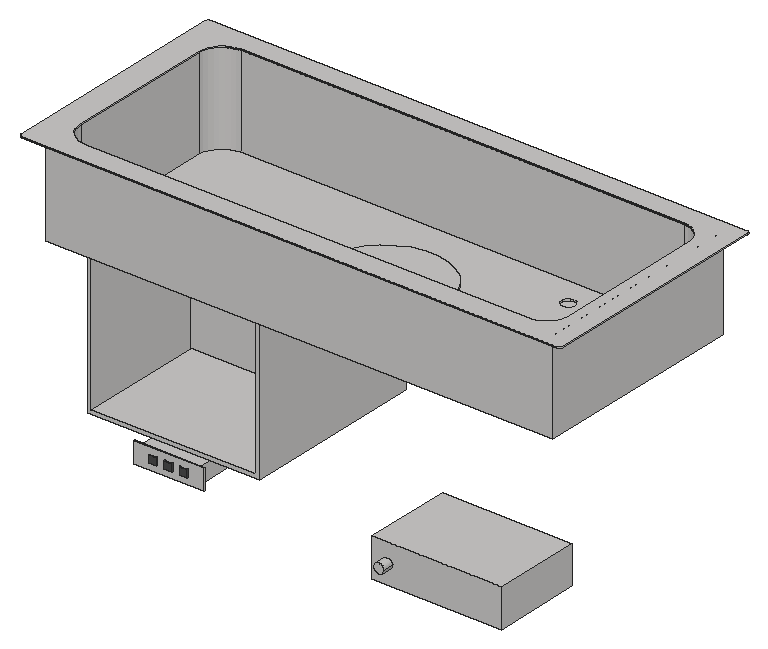
Revit family "QF_ELECTROLUXPROFESSIONAL_341043_D11C4", category Specialty Equipment, Revit 2018
Family settings
  Round Connector Dimension = Use Diameter
  Part Type = Normal
  Work Plane-Based = No
  Always vertical = Yes
  Cut with Voids When Loaded = No
  Shared = No
  Room Calculation Point = No
Parameters (values of type "Standard")
  Weight = 0.00 kg
  Watts = 0 W
  Volts = 220 V
  URL Manufacturer = "http://professional.electrolux.com"
  URL = "http://professional.electrolux.com"
  Steam Supply Size = 0 mm
  Steam Supply Minimum Pressure = 0.0 Pa
  Steam Supply Maximum Pressure = 0.0 Pa
  Steam Pounds per Hour = 0
  Show Clearance [instance] = yes
  Remote Electrical Box_Z [instance] = 200.00 mm
  Remote Electrical Box_Y [instance] = 500.00 mm
  Remote Electrical Box_X [instance] = 1000.00 mm
  Refrigeration Suction Line Size = 0 mm
  Refrigeration Liquid Line Size = 0 mm
  Refrigerant Compressor Remote = yes
  Manufacturer = "Electrolux Professional"
  Phase = 1
  Model = "D11C4"
  Length Actual = 1420.00 mm  # constant formula
  Item Number = "341043"
  Hot Water Size = 0 mm
  Height Actual = 595.00 mm  # constant formula
  HP = "0 HP"
  Gas Size = 0 mm
  Gas KW = 0
  Gas Input Pressure = 0 W
  Direct Waste Size = 25.4 mm
  Description = "DROP-IN REFRIGERATED WELL, STATIC WITH FAN, 4GN"
  Depth Actual = 620.00 mm  # constant formula
  Cycle = 50 Hz
  Controller_Y [instance] = 500.00 mm
  Controller_1Z [instance] = 200.00 mm
  Controller_1X [instance] = 300.00 mm
  Condensate Return Size = 0 mm
  Compressed Air Volume = 0.0 L/s
  Compressed Air Size = 0 mm
  Compressed Air Pressure = 0.0 Pa
  Cold Water Size = 0 mm
  Accessory = yes
Types (2, lengths in mm): name | Volts | URL Manufacturer | URL | Manufacturer | Phase | Model | Item Number | Description | Cycle
  341043.rfa | 0 V | "" | 0.00 | 0.00 | 0 | 0.00 | "" | 0.00 | 0 Hz
  Standard | 220 V | "http://professional.electrolux.com" | "http://professional.electrolux.com" | "Electrolux Professional" | 1 | "D11C4" | "341043" | "DROP-IN REFRIGERATED WELL, STATIC WITH FAN, 4GN" | 50 Hz
Reference planes
  plane 1 "Centro (Fronte/Retro)": y = 74.737
  plane 2: z = 0
  plane 3 "BACK": y = 384.737
  plane 4 "FRONT": y = -235.263
  plane 5 "RIGHT": x = 195.731
  plane 6 "LEFT": x = -1224.269
  plane 7: x = -514.269
  plane 8 "TOP": z = 900
  plane 9: y = 352.737
  plane 10: y = -203.263
  plane 11: x = 148.531
  plane 12: x = -1177.069
  plane 13: y = 329.737
  plane 14: y = -180.263
  plane 15: x = -1154.269
  plane 16: x = 125.731
  plane 17: z = 898
  plane 18: z = 656
  plane 19: z = 659
  plane 20: z = 624.1
  plane 21: x = -346.269
  plane 22: y = 188.737
  plane 23: y = -39.263
  plane 24: x = -650.269
  plane 25: z = 263
  plane 26: x = -1099.269
  plane 27: x = -649.269
  plane 28: x = -1087.269
  plane 29: x = -661.269
  plane 30: y = -165.263
  plane 31: y = 314.737
  plane 32 "1": y = 254.737
  plane 33: x = -924.269
  plane 34: x = -224.269
  plane 35: y = -115.263
  plane 36: y = -115.263
  plane 37: z = 200
  plane 38: z = 200
Forms (mm)
  Extrusion 1, solid, material "QF_Finishes_Stainless Steel"
    sketch origin (0, 0, 900) x (-1, 0, 0) y (0, -1, 0)
      loop
        arc (1214.269, -384.737) -> (1221.34, -381.808) -> (1224.269, -374.737) r 10
        line (1224.269, -374.737) -> (1224.269, 225.263)
        arc (1224.269, 225.263) -> (1221.34, 232.334) -> (1214.269, 235.263) r 10
        line (1214.269, 235.263) -> (-185.731, 235.263)
        arc (-185.731, 235.263) -> (-192.802, 232.334) -> (-195.731, 225.263) r 10
        line (-195.731, 225.263) -> (-195.731, -374.737)
        arc (-195.731, -374.737) -> (-192.802, -381.808) -> (-185.731, -384.737) r 10
        line (-185.731, -384.737) -> (1214.269, -384.737)
      loop
        arc (1093.269, -329.737) -> (1136.402, -311.871) -> (1154.269, -268.737) r 61
        line (1154.269, -268.737) -> (1154.269, 119.263)
        arc (1154.269, 119.263) -> (1136.402, 162.396) -> (1093.269, 180.263) r 61
        line (1093.269, 180.263) -> (-64.731, 180.263)
        arc (-64.731, 180.263) -> (-107.865, 162.396) -> (-125.731, 119.263) r 61
        line (-125.731, 119.263) -> (-125.731, -268.737)
        arc (-125.731, -268.737) -> (-107.865, -311.871) -> (-64.731, -329.737) r 61
        line (-64.731, -329.737) -> (1093.269, -329.737)
    from 0 to -2
  Extrusion 2, solid, material "QF_Finishes_Stainless Steel"
    sketch origin (0, 0, 900) x (-1, 0, 0) y (0, -1, 0)
      loop
        line (-148.531, -352.737) -> (1177.069, -352.737) -> (1177.069, 203.263) -> (-148.531, 203.263) -> (-148.531, -352.737)
    from -2 to -244
  Extrusion 3, void
    sketch origin (0, 0, 900) x (-1, 0, 0) y (0, -1, 0)
      loop
        line (1154.269, -268.737) -> (1154.269, 119.263)
        arc (1154.269, 119.263) -> (1136.402, 162.396) -> (1093.269, 180.263) r 61
        line (1093.269, 180.263) -> (-64.731, 180.263)
        arc (-64.731, 180.263) -> (-107.865, 162.396) -> (-125.731, 119.263) r 61
        line (-125.731, 119.263) -> (-125.731, -268.737)
        arc (-125.731, -268.737) -> (-107.865, -311.871) -> (-64.731, -329.737) r 61
        line (-64.731, -329.737) -> (1093.269, -329.737)
        arc (1093.269, -329.737) -> (1136.402, -311.871) -> (1154.269, -268.737) r 61
    from 0 to -241
  Extrusion 4, solid, material "QF_Finishes_Stainless Steel"
    sketch origin (0, 0, 900) x (-1, 0, 0) y (0, -1, 0)
      loop
        line (650.269, -188.737) -> (650.269, 39.263) -> (346.269, 39.263) -> (346.269, -188.737) -> (650.269, -188.737)
    from -244 to -275.9
  Extrusion 5, solid, material "QF_Finishes_Stainless Steel"
    sketch origin (0, 0, 900) x (-1, 0, 0) y (0, -1, 0)
      loop
        circle (513.769, -74.737) r 155
      loop
        circle (514.375, -74.737) r 3
      loop
        circle (534.375, -74.737) r 3
      loop
        circle (554.375, -74.737) r 3
      loop
        circle (574.375, -74.737) r 3
      loop
        circle (514.375, -54.737) r 3
      loop
        circle (514.375, -34.737) r 3
      loop
        circle (514.375, -14.737) r 3
      loop
        circle (528.517, -60.595) r 3
      loop
        circle (542.659, -46.453) r 3
      loop
        circle (552.659, -29.132) r 3
      loop
        circle (522.029, -56.259) r 3
      loop
        circle (532.852, -67.083) r 3
      loop
        circle (524.795, -34.792) r 3
      loop
        circle (528.504, -15.416) r 3
      loop
        circle (534.463, -38.203) r 3
      loop
        circle (542.258, -19.785) r 3
      loop
        circle (554.32, -64.317) r 3
      loop
        circle (573.696, -60.608) r 3
      loop
        circle (550.909, -54.649) r 3
      loop
        circle (569.327, -46.854) r 3
      loop
        circle (561.827, -36.943) r 3
      loop
        circle (528.517, -88.879) r 3
      loop
        circle (542.659, -103.021) r 3
      loop
        circle (552.659, -120.342) r 3
      loop
        circle (522.029, -93.215) r 3
      loop
        circle (532.852, -82.391) r 3
      loop
        circle (524.795, -114.682) r 3
      loop
        circle (528.504, -134.058) r 3
      loop
        circle (534.463, -111.271) r 3
      loop
        circle (542.258, -129.69) r 3
      loop
        circle (554.32, -85.157) r 3
      loop
        circle (573.696, -88.866) r 3
      loop
        circle (550.909, -94.825) r 3
      loop
        circle (569.327, -102.621) r 3
      loop
        circle (561.827, -112.531) r 3
      loop
        circle (514.375, -94.737) r 3
      loop
        circle (514.375, -114.737) r 3
      loop
        circle (514.375, -134.737) r 3
      loop
        circle (494.375, -74.737) r 3
      loop
        circle (474.375, -74.737) r 3
      loop
        circle (454.375, -74.737) r 3
      loop
        circle (500.233, -60.595) r 3
      loop
        circle (486.091, -46.453) r 3
      loop
        circle (476.091, -29.132) r 3
      loop
        circle (506.721, -56.259) r 3
      loop
        circle (495.897, -67.083) r 3
      loop
        circle (503.955, -34.792) r 3
      loop
        circle (500.246, -15.416) r 3
      loop
        circle (494.287, -38.203) r 3
      loop
        circle (486.491, -19.785) r 3
      loop
        circle (474.43, -64.317) r 3
      loop
        circle (455.054, -60.608) r 3
      loop
        circle (477.841, -54.649) r 3
      loop
        circle (459.422, -46.854) r 3
      loop
        circle (466.922, -36.943) r 3
      loop
        circle (500.233, -88.879) r 3
      loop
        circle (486.091, -103.021) r 3
      loop
        circle (476.091, -120.342) r 3
      loop
        circle (506.721, -93.215) r 3
      loop
        circle (495.897, -82.391) r 3
      loop
        circle (503.955, -114.682) r 3
      loop
        circle (500.246, -134.058) r 3
      loop
        circle (494.287, -111.271) r 3
      loop
        circle (486.491, -129.69) r 3
      loop
        circle (474.43, -85.157) r 3
      loop
        circle (455.054, -88.866) r 3
      loop
        circle (477.841, -94.825) r 3
      loop
        circle (459.422, -102.621) r 3
      loop
        circle (466.922, -112.531) r 3
    from -233.523 to -230.523
  Extrusion 6, void
    sketch origin (-241, -14, 900) x (-1, 0, 0) y (0, -1, 0)
      loop
        circle (-64.731, -268.737) r 18
    from -315.366 to -240.6
  Extrusion 7, solid, material "QF_Finishes_Stainless Steel"
    sketch origin (232.311, 362.737, -30) x (0, -1, 0) y (0, 0, -1)
      loop
        line (204.2, -307.2) -> (84.2, -307.2) -> (84.2, -611.4) -> (204.2, -611.4) -> (204.2, -307.2)
    from -1319.58 to -893.58
  Sweep 8, solid, material "QF_Finishes_Stainless Steel"
    path origin (-241, 254.737, 0) x (-1, 0, 0) y (0, 0, 1)
      loop
        line (-64.731, 656) -> (-64.731, 626) -> (-103.731, 626)
    profile origin (-176.269, 254.737, 641) x (0, 1, 0) y (-1, 0, 0)
      loop
        circle (0, 0) r 18
  Extrusion 9, solid, material "QF_Finishes_Stainless Steel"
    sketch origin (0, 254.737, 0) x (-1, 0, 0) y (0, 0, 1)
      loop
        line (1099.269, 656) -> (1089.269, 656) -> (1089.269, 273) -> (659.269, 273) -> (659.269, 656.4) -> (649.269, 656.4) -> (649.269, 263) -> (1099.269, 263) -> (1099.269, 656)
    from -420 to 60
Cuts and joins
  Extrusion 3, Extrusion 6 cuts Extrusion 2
Lines and regions (mm)
  symbolic lines
    curve 1: line (185.731, 384.737, 900) -> (-1214.269, 384.737, 900)
    curve 2: arc (-1214.269, 384.737, 900) -> (-1221.34, 381.808, 900) -> (-1224.269, 374.737, 900) r 10
    curve 3: line (-1224.269, 374.737, 900) -> (-1224.269, -225.263, 900)
    curve 4: arc (-1224.269, -225.263, 900) -> (-1221.34, -232.334, 900) -> (-1214.269, -235.263, 900) r 10
    curve 5: line (-1214.269, -235.263, 900) -> (185.731, -235.263, 900)
    curve 6: arc (185.731, -235.263, 900) -> (192.802, -232.334, 900) -> (195.731, -225.263, 900) r 10
    curve 7: line (195.731, -225.263, 900) -> (195.731, 374.737, 900)
    curve 8: arc (195.731, 374.737, 900) -> (192.802, 381.808, 900) -> (185.731, 384.737, 900) r 10
    curve 9: line (-1093.269, 329.737, 900) -> (64.731, 329.737, 900)
    curve 10: arc (64.731, 329.737, 900) -> (107.865, 311.871, 900) -> (125.731, 268.737, 900) r 61
    curve 11: line (125.731, 268.737, 900) -> (125.731, -119.263, 900)
    curve 12: arc (125.731, -119.263, 900) -> (107.865, -162.396, 900) -> (64.731, -180.263, 900) r 61
    curve 13: line (64.731, -180.263, 900) -> (-1093.269, -180.263, 900)
    curve 14: arc (-1093.269, -180.263, 900) -> (-1136.402, -162.396, 900) -> (-1154.269, -119.263, 900) r 61
    curve 15: line (-1154.269, -119.263, 900) -> (-1154.269, 268.737, 900)
    curve 16: arc (-1154.269, 268.737, 900) -> (-1136.402, 311.871, 900) -> (-1093.269, 329.737, 900) r 61
    curve 17: arc (-194.269, 254.737, 900) -> (-176.269, 236.737, 900) -> (-158.269, 254.737, 900) r 18
    curve 18: arc (-158.269, 254.737, 900) -> (-176.269, 272.737, 900) -> (-194.269, 254.737, 900) r 18
    curve 19: arc (-511.375, 74.737, 900) -> (-514.375, 71.737, 900) -> (-517.375, 74.737, 900) r 3
    curve 20: arc (-517.375, 74.737, 900) -> (-514.375, 77.737, 900) -> (-511.375, 74.737, 900) r 3
    curve 21: arc (-511.375, 54.737, 900) -> (-514.375, 51.737, 900) -> (-517.375, 54.737, 900) r 3
    curve 22: arc (-517.375, 54.737, 900) -> (-514.375, 57.737, 900) -> (-511.375, 54.737, 900) r 3
    curve 23: arc (-511.375, 34.737, 900) -> (-514.375, 31.737, 900) -> (-517.375, 34.737, 900) r 3
    curve 24: arc (-517.375, 34.737, 900) -> (-514.375, 37.737, 900) -> (-511.375, 34.737, 900) r 3
    curve 25: arc (-511.375, 14.737, 900) -> (-514.375, 11.737, 900) -> (-517.375, 14.737, 900) r 3
    curve 26: arc (-517.375, 14.737, 900) -> (-514.375, 17.737, 900) -> (-511.375, 14.737, 900) r 3
    curve 27: arc (-525.504, 15.416, 900) -> (-528.504, 12.416, 900) -> (-531.504, 15.416, 900) r 3
    curve 28: arc (-531.504, 15.416, 900) -> (-528.504, 18.416, 900) -> (-525.504, 15.416, 900) r 3
    curve 29: arc (-521.795, 34.792, 900) -> (-524.795, 31.792, 900) -> (-527.795, 34.792, 900) r 3
    curve 30: arc (-527.795, 34.792, 900) -> (-524.795, 37.792, 900) -> (-521.795, 34.792, 900) r 3
    curve 31: arc (-525.029, 56.259, 900) -> (-522.029, 59.259, 900) -> (-519.029, 56.259, 900) r 3
    curve 32: arc (-519.029, 56.259, 900) -> (-522.029, 53.259, 900) -> (-525.029, 56.259, 900) r 3
    curve 33: arc (-531.517, 60.595, 900) -> (-528.517, 63.595, 900) -> (-525.517, 60.595, 900) r 3
    curve 34: arc (-525.517, 60.595, 900) -> (-528.517, 57.595, 900) -> (-531.517, 60.595, 900) r 3
    curve 35: arc (-545.659, 46.453, 900) -> (-542.659, 49.453, 900) -> (-539.659, 46.453, 900) r 3
    curve 36: arc (-539.659, 46.453, 900) -> (-542.659, 43.453, 900) -> (-545.659, 46.453, 900) r 3
    curve 37: arc (-537.463, 38.203, 900) -> (-534.463, 41.203, 900) -> (-531.463, 38.203, 900) r 3
    curve 38: arc (-531.463, 38.203, 900) -> (-534.463, 35.203, 900) -> (-537.463, 38.203, 900) r 3
    curve 39: arc (-545.258, 19.785, 900) -> (-542.258, 22.785, 900) -> (-539.258, 19.785, 900) r 3
    curve 40: arc (-539.258, 19.785, 900) -> (-542.258, 16.785, 900) -> (-545.258, 19.785, 900) r 3
    curve 41: arc (-570.696, 60.608, 900) -> (-573.696, 57.608, 900) -> (-576.696, 60.608, 900) r 3
    curve 42: arc (-576.696, 60.608, 900) -> (-573.696, 63.608, 900) -> (-570.696, 60.608, 900) r 3
    curve 43: arc (-572.327, 46.854, 900) -> (-569.327, 49.854, 900) -> (-566.327, 46.854, 900) r 3
    curve 44: arc (-566.327, 46.854, 900) -> (-569.327, 43.854, 900) -> (-572.327, 46.854, 900) r 3
    curve 45: arc (-564.827, 36.943, 900) -> (-561.827, 39.943, 900) -> (-558.827, 36.943, 900) r 3
    curve 46: arc (-558.827, 36.943, 900) -> (-561.827, 33.943, 900) -> (-564.827, 36.943, 900) r 3
    curve 47: arc (-555.659, 29.132, 900) -> (-552.659, 32.132, 900) -> (-549.659, 29.132, 900) r 3
    curve 48: arc (-549.659, 29.132, 900) -> (-552.659, 26.132, 900) -> (-555.659, 29.132, 900) r 3
    curve 49: arc (-557.32, 64.317, 900) -> (-554.32, 67.317, 900) -> (-551.32, 64.317, 900) r 3
    curve 50: arc (-551.32, 64.317, 900) -> (-554.32, 61.317, 900) -> (-557.32, 64.317, 900) r 3
    curve 51: arc (-553.909, 54.649, 900) -> (-550.909, 57.649, 900) -> (-547.909, 54.649, 900) r 3
    curve 52: arc (-547.909, 54.649, 900) -> (-550.909, 51.649, 900) -> (-553.909, 54.649, 900) r 3
    curve 53: arc (-529.852, 67.083, 900) -> (-532.852, 64.083, 900) -> (-535.852, 67.083, 900) r 3
    curve 54: arc (-535.852, 67.083, 900) -> (-532.852, 70.083, 900) -> (-529.852, 67.083, 900) r 3
    curve 55: arc (-537.375, 74.737, 900) -> (-534.375, 77.737, 900) -> (-531.375, 74.737, 900) r 3
    curve 56: arc (-531.375, 74.737, 900) -> (-534.375, 71.737, 900) -> (-537.375, 74.737, 900) r 3
    curve 57: arc (-557.375, 74.737, 900) -> (-554.375, 77.737, 900) -> (-551.375, 74.737, 900) r 3
    curve 58: arc (-551.375, 74.737, 900) -> (-554.375, 71.737, 900) -> (-557.375, 74.737, 900) r 3
    curve 59: arc (-577.375, 74.737, 900) -> (-574.375, 77.737, 900) -> (-571.375, 74.737, 900) r 3
    curve 60: arc (-571.375, 74.737, 900) -> (-574.375, 71.737, 900) -> (-577.375, 74.737, 900) r 3
    curve 61: arc (-525.504, 134.058, 900) -> (-528.504, 137.058, 900) -> (-531.504, 134.058, 900) r 3
    curve 62: arc (-531.504, 134.058, 900) -> (-528.504, 131.058, 900) -> (-525.504, 134.058, 900) r 3
    curve 63: arc (-521.795, 114.682, 900) -> (-524.795, 117.682, 900) -> (-527.795, 114.682, 900) r 3
    curve 64: arc (-527.795, 114.682, 900) -> (-524.795, 111.682, 900) -> (-521.795, 114.682, 900) r 3
    curve 65: arc (-525.029, 93.215, 900) -> (-522.029, 90.215, 900) -> (-519.029, 93.215, 900) r 3
    curve 66: arc (-519.029, 93.215, 900) -> (-522.029, 96.215, 900) -> (-525.029, 93.215, 900) r 3
    curve 67: arc (-531.517, 88.879, 900) -> (-528.517, 85.879, 900) -> (-525.517, 88.879, 900) r 3
    curve 68: arc (-525.517, 88.879, 900) -> (-528.517, 91.879, 900) -> (-531.517, 88.879, 900) r 3
    curve 69: arc (-545.659, 103.021, 900) -> (-542.659, 100.021, 900) -> (-539.659, 103.021, 900) r 3
    curve 70: arc (-539.659, 103.021, 900) -> (-542.659, 106.021, 900) -> (-545.659, 103.021, 900) r 3
    curve 71: arc (-537.463, 111.271, 900) -> (-534.463, 108.271, 900) -> (-531.463, 111.271, 900) r 3
    curve 72: arc (-531.463, 111.271, 900) -> (-534.463, 114.271, 900) -> (-537.463, 111.271, 900) r 3
    curve 73: arc (-545.258, 129.69, 900) -> (-542.258, 126.69, 900) -> (-539.258, 129.69, 900) r 3
    curve 74: arc (-539.258, 129.69, 900) -> (-542.258, 132.69, 900) -> (-545.258, 129.69, 900) r 3
    curve 75: arc (-570.696, 88.866, 900) -> (-573.696, 91.866, 900) -> (-576.696, 88.866, 900) r 3
    curve 76: arc (-576.696, 88.866, 900) -> (-573.696, 85.866, 900) -> (-570.696, 88.866, 900) r 3
    curve 77: arc (-572.327, 102.621, 900) -> (-569.327, 99.621, 900) -> (-566.327, 102.621, 900) r 3
    curve 78: arc (-566.327, 102.621, 900) -> (-569.327, 105.621, 900) -> (-572.327, 102.621, 900) r 3
    curve 79: arc (-564.827, 112.531, 900) -> (-561.827, 109.531, 900) -> (-558.827, 112.531, 900) r 3
    curve 80: arc (-558.827, 112.531, 900) -> (-561.827, 115.531, 900) -> (-564.827, 112.531, 900) r 3
    curve 81: arc (-555.659, 120.342, 900) -> (-552.659, 117.342, 900) -> (-549.659, 120.342, 900) r 3
    curve 82: arc (-549.659, 120.342, 900) -> (-552.659, 123.342, 900) -> (-555.659, 120.342, 900) r 3
    curve 83: arc (-557.32, 85.157, 900) -> (-554.32, 82.157, 900) -> (-551.32, 85.157, 900) r 3
    curve 84: arc (-551.32, 85.157, 900) -> (-554.32, 88.157, 900) -> (-557.32, 85.157, 900) r 3
    curve 85: arc (-553.909, 94.825, 900) -> (-550.909, 91.825, 900) -> (-547.909, 94.825, 900) r 3
    curve 86: arc (-547.909, 94.825, 900) -> (-550.909, 97.825, 900) -> (-553.909, 94.825, 900) r 3
    curve 87: arc (-529.852, 82.391, 900) -> (-532.852, 85.391, 900) -> (-535.852, 82.391, 900) r 3
    curve 88: arc (-535.852, 82.391, 900) -> (-532.852, 79.391, 900) -> (-529.852, 82.391, 900) r 3
    curve 89: arc (-511.375, 94.737, 900) -> (-514.375, 97.737, 900) -> (-517.375, 94.737, 900) r 3
    curve 90: arc (-517.375, 94.737, 900) -> (-514.375, 91.737, 900) -> (-511.375, 94.737, 900) r 3
    curve 91: arc (-511.375, 114.737, 900) -> (-514.375, 117.737, 900) -> (-517.375, 114.737, 900) r 3
    curve 92: arc (-517.375, 114.737, 900) -> (-514.375, 111.737, 900) -> (-511.375, 114.737, 900) r 3
    curve 93: arc (-511.375, 134.737, 900) -> (-514.375, 137.737, 900) -> (-517.375, 134.737, 900) r 3
    curve 94: arc (-517.375, 134.737, 900) -> (-514.375, 131.737, 900) -> (-511.375, 134.737, 900) r 3
    curve 95: arc (-503.246, 15.416, 900) -> (-500.246, 12.416, 900) -> (-497.246, 15.416, 900) r 3
    curve 96: arc (-497.246, 15.416, 900) -> (-500.246, 18.416, 900) -> (-503.246, 15.416, 900) r 3
    curve 97: arc (-506.955, 34.792, 900) -> (-503.955, 31.792, 900) -> (-500.955, 34.792, 900) r 3
    curve 98: arc (-500.955, 34.792, 900) -> (-503.955, 37.792, 900) -> (-506.955, 34.792, 900) r 3
    curve 99: arc (-503.721, 56.259, 900) -> (-506.721, 59.259, 900) -> (-509.721, 56.259, 900) r 3
    curve 100: arc (-509.721, 56.259, 900) -> (-506.721, 53.259, 900) -> (-503.721, 56.259, 900) r 3
    curve 101: arc (-497.233, 60.595, 900) -> (-500.233, 63.595, 900) -> (-503.233, 60.595, 900) r 3
    curve 102: arc (-503.233, 60.595, 900) -> (-500.233, 57.595, 900) -> (-497.233, 60.595, 900) r 3
    curve 103: arc (-483.091, 46.453, 900) -> (-486.091, 49.453, 900) -> (-489.091, 46.453, 900) r 3
    curve 104: arc (-489.091, 46.453, 900) -> (-486.091, 43.453, 900) -> (-483.091, 46.453, 900) r 3
    curve 105: arc (-491.287, 38.203, 900) -> (-494.287, 41.203, 900) -> (-497.287, 38.203, 900) r 3
    curve 106: arc (-497.287, 38.203, 900) -> (-494.287, 35.203, 900) -> (-491.287, 38.203, 900) r 3
    curve 107: arc (-483.491, 19.785, 900) -> (-486.491, 22.785, 900) -> (-489.491, 19.785, 900) r 3
    curve 108: arc (-489.491, 19.785, 900) -> (-486.491, 16.785, 900) -> (-483.491, 19.785, 900) r 3
    curve 109: arc (-458.054, 60.608, 900) -> (-455.054, 57.608, 900) -> (-452.054, 60.608, 900) r 3
    curve 110: arc (-452.054, 60.608, 900) -> (-455.054, 63.608, 900) -> (-458.054, 60.608, 900) r 3
    curve 111: arc (-456.422, 46.854, 900) -> (-459.422, 49.854, 900) -> (-462.422, 46.854, 900) r 3
    curve 112: arc (-462.422, 46.854, 900) -> (-459.422, 43.854, 900) -> (-456.422, 46.854, 900) r 3
    curve 113: arc (-463.922, 36.943, 900) -> (-466.922, 39.943, 900) -> (-469.922, 36.943, 900) r 3
    curve 114: arc (-469.922, 36.943, 900) -> (-466.922, 33.943, 900) -> (-463.922, 36.943, 900) r 3
    curve 115: arc (-473.091, 29.132, 900) -> (-476.091, 32.132, 900) -> (-479.091, 29.132, 900) r 3
    curve 116: arc (-479.091, 29.132, 900) -> (-476.091, 26.132, 900) -> (-473.091, 29.132, 900) r 3
    curve 117: arc (-471.43, 64.317, 900) -> (-474.43, 67.317, 900) -> (-477.43, 64.317, 900) r 3
    curve 118: arc (-477.43, 64.317, 900) -> (-474.43, 61.317, 900) -> (-471.43, 64.317, 900) r 3
    curve 119: arc (-474.841, 54.649, 900) -> (-477.841, 57.649, 900) -> (-480.841, 54.649, 900) r 3
    curve 120: arc (-480.841, 54.649, 900) -> (-477.841, 51.649, 900) -> (-474.841, 54.649, 900) r 3
    curve 121: arc (-498.897, 67.083, 900) -> (-495.897, 64.083, 900) -> (-492.897, 67.083, 900) r 3
    curve 122: arc (-492.897, 67.083, 900) -> (-495.897, 70.083, 900) -> (-498.897, 67.083, 900) r 3
    curve 123: arc (-491.375, 74.737, 900) -> (-494.375, 77.737, 900) -> (-497.375, 74.737, 900) r 3
    curve 124: arc (-497.375, 74.737, 900) -> (-494.375, 71.737, 900) -> (-491.375, 74.737, 900) r 3
    curve 125: arc (-471.375, 74.737, 900) -> (-474.375, 77.737, 900) -> (-477.375, 74.737, 900) r 3
    curve 126: arc (-477.375, 74.737, 900) -> (-474.375, 71.737, 900) -> (-471.375, 74.737, 900) r 3
    curve 127: arc (-451.375, 74.737, 900) -> (-454.375, 77.737, 900) -> (-457.375, 74.737, 900) r 3
    curve 128: arc (-457.375, 74.737, 900) -> (-454.375, 71.737, 900) -> (-451.375, 74.737, 900) r 3
    curve 129: arc (-503.246, 134.058, 900) -> (-500.246, 137.058, 900) -> (-497.246, 134.058, 900) r 3
    curve 130: arc (-497.246, 134.058, 900) -> (-500.246, 131.058, 900) -> (-503.246, 134.058, 900) r 3
    curve 131: arc (-506.955, 114.682, 900) -> (-503.955, 117.682, 900) -> (-500.955, 114.682, 900) r 3
    curve 132: arc (-500.955, 114.682, 900) -> (-503.955, 111.682, 900) -> (-506.955, 114.682, 900) r 3
    curve 133: arc (-503.721, 93.215, 900) -> (-506.721, 90.215, 900) -> (-509.721, 93.215, 900) r 3
    curve 134: arc (-509.721, 93.215, 900) -> (-506.721, 96.215, 900) -> (-503.721, 93.215, 900) r 3
    curve 135: arc (-497.233, 88.879, 900) -> (-500.233, 85.879, 900) -> (-503.233, 88.879, 900) r 3
    curve 136: arc (-503.233, 88.879, 900) -> (-500.233, 91.879, 900) -> (-497.233, 88.879, 900) r 3
    curve 137: arc (-483.091, 103.021, 900) -> (-486.091, 100.021, 900) -> (-489.091, 103.021, 900) r 3
    curve 138: arc (-489.091, 103.021, 900) -> (-486.091, 106.021, 900) -> (-483.091, 103.021, 900) r 3
    curve 139: arc (-491.287, 111.271, 900) -> (-494.287, 108.271, 900) -> (-497.287, 111.271, 900) r 3
    curve 140: arc (-497.287, 111.271, 900) -> (-494.287, 114.271, 900) -> (-491.287, 111.271, 900) r 3
    curve 141: arc (-483.491, 129.69, 900) -> (-486.491, 126.69, 900) -> (-489.491, 129.69, 900) r 3
    curve 142: arc (-489.491, 129.69, 900) -> (-486.491, 132.69, 900) -> (-483.491, 129.69, 900) r 3
    curve 143: arc (-458.054, 88.866, 900) -> (-455.054, 91.866, 900) -> (-452.054, 88.866, 900) r 3
    curve 144: arc (-452.054, 88.866, 900) -> (-455.054, 85.866, 900) -> (-458.054, 88.866, 900) r 3
    curve 145: arc (-456.422, 102.621, 900) -> (-459.422, 99.621, 900) -> (-462.422, 102.621, 900) r 3
    curve 146: arc (-462.422, 102.621, 900) -> (-459.422, 105.621, 900) -> (-456.422, 102.621, 900) r 3
    curve 147: arc (-463.922, 112.531, 900) -> (-466.922, 109.531, 900) -> (-469.922, 112.531, 900) r 3
    curve 148: arc (-469.922, 112.531, 900) -> (-466.922, 115.531, 900) -> (-463.922, 112.531, 900) r 3
    curve 149: arc (-473.091, 120.342, 900) -> (-476.091, 117.342, 900) -> (-479.091, 120.342, 900) r 3
    curve 150: arc (-479.091, 120.342, 900) -> (-476.091, 123.342, 900) -> (-473.091, 120.342, 900) r 3
    curve 151: arc (-471.43, 85.157, 900) -> (-474.43, 82.157, 900) -> (-477.43, 85.157, 900) r 3
    curve 152: arc (-477.43, 85.157, 900) -> (-474.43, 88.157, 900) -> (-471.43, 85.157, 900) r 3
    curve 153: arc (-474.841, 94.825, 900) -> (-477.841, 91.825, 900) -> (-480.841, 94.825, 900) r 3
    curve 154: arc (-480.841, 94.825, 900) -> (-477.841, 97.825, 900) -> (-474.841, 94.825, 900) r 3
    curve 155: arc (-498.897, 82.391, 900) -> (-495.897, 85.391, 900) -> (-492.897, 82.391, 900) r 3
    curve 156: arc (-492.897, 82.391, 900) -> (-495.897, 79.391, 900) -> (-498.897, 82.391, 900) r 3
    curve 157: arc (-358.769, 74.737, 900) -> (-513.769, 229.737, 900) -> (-668.769, 74.737, 900) r 155
    curve 158: arc (-668.769, 74.737, 900) -> (-513.769, -80.263, 900) -> (-358.769, 74.737, 900) r 155
  symbolic lines, style "SpecialityEquipmentHiddenLines"
    curve 159: line (-1177.069, 352.737, 900) -> (148.531, 352.737, 900)
    curve 160: line (-1177.069, -203.263, 900) -> (-1177.069, 352.737, 900)
    curve 161: line (148.531, -203.263, 900) -> (-1177.069, -203.263, 900)
    curve 162: line (148.531, 352.737, 900) -> (148.531, -203.263, 900)
    curve 163: line (-1099.269, 314.737, 900) -> (-649.269, 314.737, 900)
    curve 164: line (-1099.269, -165.263, 900) -> (-1099.269, 314.737, 900)
    curve 165: line (-649.269, -165.263, 900) -> (-1099.269, -165.263, 900)
    curve 166: line (-649.269, 314.737, 900) -> (-649.269, -165.263, 900)
    curve 167: line (-834.269, 329.737, 900) -> (-834.269, -180.263, 900)
    curve 168: line (-514.269, 329.737, 900) -> (-514.269, -180.263, 900)
    curve 169: line (-194.269, 314.737, 900) -> (-194.269, -180.263, 900)
Dimensions and locks
  plane 6 "LEFT" to plane 5 "RIGHT" = 1420.00 mm
  equal spacing: plane 3 "BACK", plane 1 "Centro (Fronte/Retro)", plane 4 "FRONT"
  plane 3 "BACK" to plane 4 "FRONT" = 620.00 mm
  equal spacing: plane 6 "LEFT", plane 7, plane 5 "RIGHT"
  locked: plane 8 "TOP" to plane 2 at 900
  locked: plane 6 "LEFT" to plane 12 at 47.2
  locked: plane 11 to plane 5 "RIGHT" at 47.2
  locked: plane 3 "BACK" to plane 9 at 32
  locked: plane 10 to plane 4 "FRONT" at 32
  locked: plane 3 "BACK" to plane 13 at 55
  locked: plane 14 to plane 4 "FRONT" at 55
  locked: plane 6 "LEFT" to plane 15 at 70
  locked: plane 16 to plane 5 "RIGHT" at 70
  locked: plane 8 "TOP" to plane 17 at 2
  plane 8 "TOP" to plane 18 = 244.00 mm
  locked: plane 19 to plane 18 at 3
  locked: plane 8 "TOP" to plane 20 at 275.9
  plane 21 to plane 11 = 494.80 mm
  locked: plane 9 to plane 22 at 164
  locked: plane 23 to plane 10 at 164
  plane 12 to plane 24 = 526.80 mm
  plane 8 "TOP" to plane 25 = 637.00 mm
  plane 27 to plane 26 = 450.00 mm
  locked: plane 28 to plane 26 at 12
  locked: plane 27 to plane 29 at 12
  plane 30 to plane 31 = 480.00 mm
  equal spacing: plane 30, plane 1 "Centro (Fronte/Retro)", plane 31
  plane 18 to plane 25 = 393.00 mm
  plane 5 "RIGHT" to plane 27 = 845.00 mm
  plane 15 to plane 16 = 1280.00 mm  (x2)
  plane 13 to plane 14 = 510.00 mm
  plane 8 "TOP" to plane 20 = 275.90 mm
  plane 26 to plane 6 "LEFT" = 125.00 mm
  cut or joined group of Extrusion 2, Extrusion 3, Extrusion 6 to cut or joined group of Extrusion 2, Extrusion 3, Extrusion 6 = 510.00 mm
  "Controller_Y": plane 3 "BACK" to plane 36
  "Remote Electrical Box_Y": plane 3 "BACK" to plane 35
  "Controller_1X": plane 6 "LEFT" to plane 33
  "Remote Electrical Box_X": plane 6 "LEFT" to plane 34
  "Controller_1Z": plane 37 to plane 2
  "Remote Electrical Box_Z": plane 38 to plane 2
  aligned and locked: level to plane 2
  aligned and locked: Extrusion 1 sketch curve to plane 3 "BACK"
  aligned and locked: plane 6 "LEFT" to Extrusion 1 sketch curve
  aligned and locked: plane 4 "FRONT" to Extrusion 1 sketch curve
  aligned and locked: Extrusion 1 sketch curve to plane 5 "RIGHT"
  aligned and locked: Extrusion 1 sketch curve to plane 13
  aligned and locked: plane 15 to Extrusion 1 sketch curve
  aligned and locked: Extrusion 1 sketch curve to plane 14
  aligned and locked: Extrusion 1 sketch curve to plane 16
  aligned and locked: Extrusion 1 to plane 17
  aligned and locked: Extrusion 2 sketch curve to plane 9
  aligned and locked: plane 11 to Extrusion 2 sketch curve
  aligned and locked: Extrusion 2 sketch curve to plane 10
  aligned and locked: Extrusion 2 sketch curve to plane 12
  aligned and locked: Extrusion 2 to plane 18
  aligned and locked: Extrusion 2 to Extrusion 1
  aligned and locked: Extrusion 3 sketch curve to Extrusion 1  (x4)
  aligned and locked: Extrusion 3 to plane 19
  aligned and locked: Extrusion 4 sketch curve to plane 22
  aligned and locked: plane 23 to Extrusion 4 sketch curve
  aligned and locked: Extrusion 4 sketch curve to plane 21
  aligned and locked: Extrusion 4 to plane 20
  aligned and locked: plane 18 to Extrusion 4
  aligned and locked: Extrusion 4 to plane 24
  aligned and locked: Extrusion 7 to plane 28
  aligned and locked: plane 29 to Extrusion 7
  aligned and locked: Extrusion 9 to plane 30
  aligned and locked: plane 31 to Extrusion 9
  aligned and locked: plane 33 to nested 1
  aligned and locked: plane 34 to nested 2
  aligned and locked: plane 35 to nested 2
  aligned and locked: plane 36 to nested 1
  aligned and locked: plane 38 to nested 2
  aligned and locked: nested 1 to plane 37
Automatic sketch dimensions
  Extrusion 1 sketch curve to plane 5 "RIGHT" = 10.00 mm  (x2)
  Extrusion 1 sketch curve to plane 16 = 61.00 mm
  plane 14 to Extrusion 1 sketch curve = 61.00 mm  (x2)
  plane 15 to Extrusion 1 sketch curve = 61.00 mm
  Extrusion 1 sketch curve to plane 3 "BACK" = 10.00 mm
  plane 4 "FRONT" to Extrusion 1 sketch curve = 10.00 mm
  Extrusion 3 sketch curve to plane 13 = 61.00 mm
  Extrusion 3 sketch curve to plane 16 = 61.00 mm
  plane 14 to Extrusion 3 sketch curve = 61.00 mm
  plane 15 to Extrusion 3 sketch curve = 61.00 mm
  Extrusion 6 sketch curve to plane 16 = 302.00 mm
  Extrusion 6 sketch curve to plane 13 = 75.00 mm
  plane 1 "Centro (Fronte/Retro)" to Extrusion 5 sketch curve = 0.00 mm  (x8)
  Extrusion 5 sketch curve to Extrusion 5 sketch curve = 1.522 mm  (x5)
  Extrusion 5 sketch curve to Extrusion 5 sketch curve = 4.335 mm  (x8)
  plane 7 to Extrusion 5 sketch curve = 14.023 mm  (x2)
  plane 7 to Extrusion 5 sketch curve = 10.314 mm  (x2)
  plane 7 to Extrusion 5 sketch curve = 7.547 mm  (x2)
  Extrusion 5 sketch curve to plane 7 = 0.106 mm  (x7)
  Extrusion 5 sketch curve to Extrusion 5 sketch curve = 6.488 mm  (x6)
  Extrusion 5 sketch curve to plane 1 "Centro (Fronte/Retro)" = 7.654 mm  (x2)
  plane 1 "Centro (Fronte/Retro)" to Extrusion 5 sketch curve = 7.654 mm  (x2)
  plane 15 to Extrusion 4 sketch curve = 504.00 mm
  plane 7 to Extrusion 5 sketch curve = 0.50 mm
  Extrusion 7 sketch curve to plane 13 = 51.20 mm
  Extrusion 7 sketch curve to plane 20 = 42.70 mm
  Extrusion 7 sketch curve to plane 22 = 30.20 mm
  Extrusion 7 sketch curve to Extrusion 7 sketch curve = 304.20 mm
  Sweep 8 sketch curve to plane 16 = 263.00 mm
  Sweep 8 sketch curve to plane 18 = 0.00 mm
  plane 20 to Sweep 8 sketch curve = 1.90 mm
  Sweep 8 sketch curve to plane 16 = 302.00 mm
  Sweep 8 sketch curve to plane 32 "1" = 0.00 mm
  Sweep 8 sketch curve to profile plane = 0.00 mm
  Extrusion 9 sketch curve to plane 27 = 0.00 mm
  Extrusion 9 sketch curve to plane 18 = 0.00 mm
  Extrusion 9 sketch curve to plane 25 = 0.00 mm
  Extrusion 9 sketch curve to plane 26 = 0.00 mm
  plane 29 to Extrusion 9 sketch curve = 2.00 mm
  Extrusion 9 sketch curve to plane 28 = 2.00 mm
  plane 25 to Extrusion 9 sketch curve = 10.00 mm
  plane 18 to Extrusion 9 sketch curve = 0.40 mm
  Extrusion 5 sketch curve to plane 7 = 7.76 mm  (x2)
  Extrusion 5 sketch curve to Extrusion 5 sketch curve = 19.394 mm
  Extrusion 5 sketch curve to Extrusion 5 sketch curve = 10.42 mm  (x2)
  Extrusion 5 sketch curve to Extrusion 5 sketch curve = 9.668 mm  (x8)
  Extrusion 5 sketch curve to Extrusion 5 sketch curve = 8.196 mm  (x6)
  Extrusion 5 sketch curve to Extrusion 5 sketch curve = 8.25 mm  (x8)
  Extrusion 5 sketch curve to Extrusion 5 sketch curve = 3.411 mm  (x8)
  Extrusion 5 sketch curve to Extrusion 5 sketch curve = 0.055 mm  (x5)
  Extrusion 5 sketch curve to Extrusion 5 sketch curve = 14.142 mm  (x2)
  plane 1 "Centro (Fronte/Retro)" to Extrusion 5 sketch curve = 10.42 mm  (x2)
  Extrusion 5 sketch curve to Extrusion 5 sketch curve = 20.00 mm
  Extrusion 5 sketch curve to Extrusion 5 sketch curve = 0.679 mm  (x7)
  Extrusion 5 sketch curve to Extrusion 5 sketch curve = 17.321 mm  (x2)
  Extrusion 5 sketch curve to Extrusion 5 sketch curve = 9.348 mm  (x4)
  Extrusion 5 sketch curve to Extrusion 5 sketch curve = 9.91 mm  (x4)
  Extrusion 5 sketch curve to Extrusion 5 sketch curve = 7.811 mm  (x4)
  Extrusion 5 sketch curve to Extrusion 5 sketch curve = 10.918 mm  (x2)
  Extrusion 5 sketch curve to Extrusion 5 sketch curve = 7.50 mm  (x4)
  Extrusion 5 sketch curve to Extrusion 5 sketch curve = 4.368 mm  (x5)
  Extrusion 5 sketch curve to Extrusion 5 sketch curve = 9.168 mm  (x4)
  Extrusion 5 sketch curve to Extrusion 5 sketch curve = 10.401 mm  (x4)
  Extrusion 5 sketch curve to Extrusion 5 sketch curve = 14.129 mm  (x2)
  Extrusion 5 sketch curve to Extrusion 5 sketch curve = 13.754 mm  (x4)
  Extrusion 5 sketch curve to plane 1 "Centro (Fronte/Retro)" = 14.129 mm  (x2)
  plane 1 "Centro (Fronte/Retro)" to Extrusion 5 sketch curve = 14.129 mm  (x2)
  curve 6 to plane 5 "RIGHT" = 0.00 mm
  curve 1 to plane 3 "BACK" = 0.00 mm
  curve 6 to plane 4 "FRONT" = 0.00 mm
  plane 9 to curve 162 = 0.00 mm
  curve 162 to plane 11 = 0.00 mm
  curve 12 to plane 16 = 0.00 mm
  plane 13 to curve 9 = 0.00 mm
  curve 17 to plane 32 "1" = 0.00 mm
  curve 169 to plane 14 = 0.00 mm
  curve 169 to plane 31 = 0.00 mm
  plane 1 "Centro (Fronte/Retro)" to curve 158 = 0.00 mm
  plane 1 "Centro (Fronte/Retro)" to curve 127 = 0.00 mm
  plane 1 "Centro (Fronte/Retro)" to curve 126 = 0.00 mm
  plane 1 "Centro (Fronte/Retro)" to curve 124 = 0.00 mm
  plane 1 "Centro (Fronte/Retro)" to curve 19 = 0.00 mm
  plane 1 "Centro (Fronte/Retro)" to curve 56 = 0.00 mm
  plane 1 "Centro (Fronte/Retro)" to curve 57 = 0.00 mm
  plane 1 "Centro (Fronte/Retro)" to curve 59 = 0.00 mm
  curve 166 to plane 27 = 0.00 mm
  curve 164 to plane 26 = 0.00 mm
  curve 14 to plane 15 = 0.00 mm
  curve 160 to plane 10 = 0.00 mm
  curve 160 to plane 12 = 0.00 mm
  curve 3 to plane 6 "LEFT" = 0.00 mm
  curve 164 to plane 31 = 0.00 mm
  curve 165 to plane 30 = 0.00 mm
  curve 1 to plane 5 "RIGHT" = 10.00 mm
  plane 4 "FRONT" to curve 6 = 10.00 mm
  plane 30 to curve 12 = 46.00 mm
  curve 9 to plane 16 = 61.00 mm
  plane 21 to curve 17 = 170.00 mm
  plane 7 to curve 128 = 59.894 mm
  curve 127 to curve 110 = 0.679 mm
  curve 127 to curve 143 = 0.679 mm
  curve 143 to curve 145 = 4.368 mm
  curve 109 to curve 112 = 4.368 mm
  curve 145 to curve 148 = 7.50 mm
  curve 111 to curve 114 = 7.50 mm
  curve 127 to curve 125 = 20.00 mm
  curve 125 to curve 151 = 0.055 mm
  curve 125 to curve 118 = 0.055 mm
  curve 113 to curve 116 = 9.168 mm
  curve 147 to curve 149 = 9.168 mm
  curve 151 to curve 153 = 3.411 mm
  curve 117 to curve 120 = 3.411 mm
  curve 153 to curve 137 = 8.25 mm
  curve 119 to curve 104 = 8.25 mm
  curve 115 to curve 107 = 10.401 mm
  curve 149 to curve 142 = 10.401 mm
  curve 137 to curve 140 = 8.196 mm
  curve 103 to curve 106 = 8.196 mm
  plane 7 to curve 124 = 19.894 mm
  curve 123 to curve 156 = 1.522 mm
  curve 124 to curve 122 = 1.522 mm
  curve 121 to curve 101 = 4.335 mm
  curve 155 to curve 135 = 4.335 mm
  plane 7 to curve 129 = 14.023 mm
  plane 7 to curve 95 = 14.023 mm
  curve 139 to curve 131 = 9.668 mm
  curve 105 to curve 98 = 9.668 mm
  plane 7 to curve 99 = 7.547 mm
  plane 7 to curve 134 = 7.547 mm
  plane 7 to curve 158 = 0.50 mm
  curve 90 to plane 7 = 0.106 mm
  curve 26 to plane 7 = 0.106 mm
  curve 20 to plane 7 = 0.106 mm
  curve 23 to plane 7 = 0.106 mm
  curve 22 to plane 7 = 0.106 mm
  curve 93 to plane 7 = 0.106 mm
  curve 92 to plane 7 = 0.106 mm
  curve 31 to plane 7 = 7.76 mm
  curve 65 to plane 7 = 7.76 mm
  curve 23 to curve 29 = 10.42 mm
  curve 91 to curve 63 = 10.42 mm
  curve 93 to curve 61 = 14.129 mm
  curve 25 to curve 28 = 14.129 mm
  curve 31 to curve 33 = 6.488 mm
  curve 65 to curve 67 = 6.488 mm
  curve 33 to curve 54 = 4.335 mm
  curve 67 to curve 87 = 4.335 mm
  curve 53 to curve 55 = 1.522 mm
  curve 63 to curve 71 = 9.668 mm
  curve 29 to curve 37 = 9.668 mm
  curve 62 to curve 74 = 13.754 mm
  curve 27 to curve 39 = 13.754 mm
  curve 71 to curve 70 = 8.196 mm
  curve 37 to curve 35 = 8.196 mm
  curve 69 to curve 86 = 8.25 mm
  curve 35 to curve 52 = 8.25 mm
  curve 39 to curve 48 = 10.401 mm
  curve 73 to curve 81 = 10.401 mm
  curve 85 to curve 84 = 3.411 mm
  curve 51 to curve 50 = 3.411 mm
  curve 49 to curve 58 = 0.055 mm
  curve 81 to curve 79 = 9.168 mm
  curve 47 to curve 45 = 9.168 mm
  curve 79 to curve 78 = 7.50 mm
  curve 45 to curve 43 = 7.50 mm
  curve 77 to curve 75 = 4.368 mm
  curve 43 to curve 41 = 4.368 mm
  curve 41 to curve 59 = 0.679 mm
  plane 26 to curve 9 = 6.00 mm
  plane 26 to curve 13 = 6.00 mm
  curve 2 to curve 2 = 10.00 mm
  plane 4 "FRONT" to curve 4 = 10.00 mm
  curve 93 to plane 22 = 54.00 mm
  curve 93 to curve 62 = 0.679 mm
  curve 93 to curve 129 = 0.679 mm
  curve 62 to curve 74 = 4.368 mm
  curve 129 to curve 142 = 4.368 mm
  curve 73 to curve 81 = 9.348 mm
  curve 141 to curve 150 = 9.348 mm
  curve 93 to curve 92 = 20.00 mm
  curve 91 to curve 131 = 0.055 mm
  curve 91 to curve 64 = 0.055 mm
  curve 81 to curve 80 = 7.811 mm
  curve 149 to curve 147 = 7.811 mm
  curve 131 to curve 139 = 3.411 mm
  curve 63 to curve 72 = 3.411 mm
  curve 139 to curve 137 = 8.25 mm
  curve 71 to curve 70 = 8.25 mm
  curve 79 to curve 78 = 9.91 mm
  curve 148 to curve 145 = 9.91 mm
  curve 69 to curve 85 = 8.196 mm
  curve 137 to curve 153 = 8.196 mm
  curve 90 to plane 1 "Centro (Fronte/Retro)" = 20.00 mm
  curve 89 to curve 66 = 1.522 mm
  curve 90 to curve 134 = 1.522 mm
  curve 133 to curve 136 = 4.335 mm
  curve 65 to curve 68 = 4.335 mm
  curve 145 to curve 144 = 13.754 mm
  curve 77 to curve 76 = 13.754 mm
  curve 153 to curve 152 = 9.668 mm
  curve 85 to curve 83 = 9.668 mm
  curve 67 to curve 87 = 6.488 mm
  curve 135 to curve 156 = 6.488 mm
  plane 1 "Centro (Fronte/Retro)" to curve 122 = 7.654 mm
  plane 1 "Centro (Fronte/Retro)" to curve 53 = 7.654 mm
  plane 1 "Centro (Fronte/Retro)" to curve 117 = 10.42 mm
  plane 1 "Centro (Fronte/Retro)" to curve 50 = 10.42 mm
  plane 1 "Centro (Fronte/Retro)" to curve 109 = 14.129 mm
  plane 1 "Centro (Fronte/Retro)" to curve 41 = 14.129 mm
  curve 53 to curve 34 = 6.488 mm
  curve 121 to curve 101 = 6.488 mm
  curve 33 to curve 32 = 4.335 mm
  curve 101 to curve 99 = 4.335 mm
  curve 100 to curve 22 = 1.522 mm
  curve 49 to curve 52 = 9.668 mm
  curve 118 to curve 120 = 9.668 mm
  curve 109 to curve 111 = 13.754 mm
  curve 41 to curve 43 = 13.754 mm
  curve 51 to curve 35 = 8.196 mm
  curve 120 to curve 103 = 8.196 mm
  curve 35 to curve 38 = 8.25 mm
  curve 103 to curve 106 = 8.25 mm
  curve 43 to curve 46 = 9.91 mm
  curve 111 to curve 113 = 9.91 mm
  curve 105 to curve 97 = 3.411 mm
  curve 37 to curve 29 = 3.411 mm
  curve 97 to curve 24 = 0.055 mm
  curve 45 to curve 48 = 7.811 mm
  curve 113 to curve 115 = 7.811 mm
  curve 48 to curve 40 = 9.348 mm
  curve 116 to curve 108 = 9.348 mm
  curve 39 to curve 28 = 4.368 mm
  curve 107 to curve 96 = 4.368 mm
  curve 95 to curve 26 = 0.679 mm
  curve 17 to curve 17 = 18.00 mm
  plane 21 to curve 169 = 152.00 mm
  curve 158 to plane 21 = 12.50 mm
  curve 127 to curve 127 = 3.00 mm
  curve 144 to curve 143 = 3.00 mm
  curve 110 to curve 109 = 3.00 mm
  curve 112 to curve 111 = 3.00 mm
  curve 145 to curve 145 = 3.00 mm
  curve 148 to curve 147 = 3.00 mm
  curve 114 to curve 113 = 3.00 mm
  curve 126 to curve 125 = 3.00 mm
  curve 151 to curve 151 = 3.00 mm
  curve 118 to curve 117 = 3.00 mm
  curve 150 to curve 149 = 3.00 mm
  curve 116 to curve 115 = 3.00 mm
  curve 119 to curve 119 = 3.00 mm
  curve 153 to curve 153 = 3.00 mm
  curve 137 to curve 137 = 3.00 mm
  curve 103 to curve 103 = 3.00 mm
  curve 142 to curve 141 = 3.00 mm
  curve 107 to curve 107 = 3.00 mm
  curve 139 to curve 139 = 3.00 mm
  curve 105 to curve 105 = 3.00 mm
  curve 124 to curve 123 = 3.00 mm
  curve 155 to curve 155 = 3.00 mm
  curve 121 to curve 121 = 3.00 mm
  curve 135 to curve 135 = 3.00 mm
  curve 102 to curve 101 = 3.00 mm
  curve 96 to curve 95 = 3.00 mm
  curve 130 to curve 129 = 3.00 mm
  curve 97 to curve 97 = 3.00 mm
  curve 131 to curve 131 = 3.00 mm
  curve 100 to curve 99 = 3.00 mm
  curve 133 to curve 133 = 3.00 mm
  plane 7 to curve 91 = 2.894 mm
  plane 7 to curve 23 = 2.894 mm
  curve 134 to curve 90 = 1.654 mm
  curve 100 to curve 22 = 1.654 mm
  plane 7 to curve 93 = 2.894 mm
  curve 19 to curve 157 = 2.394 mm
  plane 7 to curve 26 = 2.894 mm
  curve 21 to curve 31 = 1.654 mm
  curve 89 to curve 66 = 1.654 mm
  curve 30 to curve 29 = 3.00 mm
  curve 64 to curve 63 = 3.00 mm
  curve 61 to curve 61 = 3.00 mm
  curve 27 to curve 27 = 3.00 mm
  curve 67 to curve 67 = 3.00 mm
  curve 33 to curve 33 = 3.00 mm
  curve 53 to curve 53 = 3.00 mm
  curve 88 to curve 87 = 3.00 mm
  curve 56 to curve 55 = 3.00 mm
  curve 72 to curve 71 = 3.00 mm
  curve 38 to curve 37 = 3.00 mm
  curve 40 to curve 39 = 3.00 mm
  curve 74 to curve 73 = 3.00 mm
  curve 70 to curve 69 = 3.00 mm
  curve 36 to curve 35 = 3.00 mm
  curve 85 to curve 85 = 3.00 mm
  curve 51 to curve 51 = 3.00 mm
  curve 47 to curve 48 = 3.00 mm
  curve 81 to curve 81 = 3.00 mm
  curve 50 to curve 49 = 3.00 mm
  curve 84 to curve 83 = 3.00 mm
  curve 57 to curve 57 = 3.00 mm
  curve 46 to curve 45 = 3.00 mm
  curve 80 to curve 79 = 3.00 mm
  curve 77 to curve 77 = 3.00 mm
  curve 44 to curve 43 = 3.00 mm
  curve 75 to curve 75 = 3.00 mm
  curve 42 to curve 41 = 3.00 mm
  curve 59 to curve 59 = 3.00 mm
  plane 27 to curve 168 = 135.00 mm
  plane 28 to curve 167 = 253.00 mm
  radius of Extrusion 6 sketch curve = 18.00 mm
  radius of Extrusion 5 sketch curve = 155.00 mm
  radius of Extrusion 5 sketch curve = 3.00 mm  (x69)
  radius of Sweep 8 sketch curve = 18.00 mm
Nested families
  nested 1: "Controller" at (-924.269, -115.263, 200), type "Controller"
  nested 2: "Remote_Electrical_Box" at (-224.269, -0.263, 100), type "Remote_Electrical_Box"
  nested 3: "Refrigerator" at (15.731, -45.263, 900), type "Refrigerator"
Connectors
  piping at (-137.269, 254.737, 626), diameter 36
    settings: on Sweep 8, index 1, connector inside diameter 609.6 mm, connector length 0.00 mm, flow factor 0, pipe flow 0.0 L/s, pressure drop 0.0 Pa, fitting loss kfactor 0, connector angle 0.00°, fixture units 0, engagement length 0.00 mm, angle of deflection 0.00°, flow configuration 1, flow direction 1, fitting loss method 0, system type 16, joint type 0, gender type 0, connector reference index -1, connector utility 0, adjustable connector no, is connector primary yes, connector description "drain"
  electrical at (-354.269, -142.263, 149.381)
    settings: on nested 2, index 2, voltage 0 V, apparent load 0 VA, apparent load phase1 0 VA, apparent load phase2 0 VA, apparent load phase3 0 VA, power factor 1, load classification "Altro", number of poles 1, system type 14, power factor state 1, is connector primary yes, connector utility no, sub classification motor no, connector description ""
Definition of nested family "Controller"
  Reference planes
    plane 1 "Center (Front/Back)": y = 0
    plane 2: z = 0
    plane 3 "Center (Left/Right)": x = 0
  Forms (mm)
    Extrusion 1, solid
      sketch origin (0, 44.769, -48.2) x (1, 0, 0) y (0, 1, 0)
        loop
          line (-76, 43.231) -> (-76, -47.65) -> (76, -47.65) -> (76, 43.231) -> (-76, 43.231)
      from 6.2 to 48.2
    Extrusion 2, solid
      sketch origin (0, 44.769, -48.2) x (1, 0, 0) y (0, 0, 1)
        loop
          line (-92.25, 54.4) -> (-92.25, 0) -> (92.25, 0) -> (92.25, 54.4) -> (-92.25, 54.4)
        loop
          line (-76, 48.2) -> (-76, 6.2) -> (76, 6.2) -> (76, 48.2) -> (-76, 48.2)
      from 44.769 to 47.65
    Extrusion 3, solid
      sketch origin (76, -2.881, -48.2) x (-1, 0, 0) y (0, 0, -1)
        loop
          line (106, -37.2) -> (126, -37.2) -> (126, -17.2) -> (106, -17.2) -> (106, -37.2)
        loop
          line (66, -37.2) -> (86, -37.2) -> (86, -17.2) -> (66, -17.2) -> (66, -37.2)
        loop
          line (26, -37.2) -> (46, -37.2) -> (46, -17.2) -> (26, -17.2) -> (26, -37.2)
      from 0 to 2
    Extrusion 4, void
      sketch origin (0, 0, 0) x (1, 0, 0) y (0, 1, 0)
        loop
          line (76, 88) -> (-76, 88) -> (-76, 0) -> (76, 0) -> (76, 88)
      from 0 to -42
  Cuts and joins
    Extrusion 4 cuts Extrusion 2
    joined: Extrusion 1, Extrusion 2
  Lines and regions (mm)
    symbolic lines
      curve 1: line (-76, 88, 0) -> (-76, 0, 0)
      curve 2: line (76, 88, 0) -> (-76, 88, 0)
      curve 3: line (76, 0, 0) -> (76, 88, 0)
      curve 4: line (-92.25, -2.881, 0) -> (92.25, -2.881, 0)
      curve 5: line (-92.25, 0, 0) -> (-92.25, -2.881, 0)
      curve 6: line (92.25, 0, 0) -> (-92.25, 0, 0)
      curve 7: line (92.25, -2.881, 0) -> (92.25, 0, 0)
  Dimensions and locks
    aligned and locked: level to plane 2
Definition of nested family "Remote_Electrical_Box"
  Parameters (values of type "Remote_Electrical_Box")
    Default Elevation = 1219.20 mm
  Reference planes
    plane 1 "Center (Front/Back)": y = 0
    plane 2: z = 0
    plane 3 "Center (Left/Right)": x = 0
    plane 4: x = -170
    plane 5: x = 170
    plane 6: y = 115
    plane 7: y = -115
    plane 8: z = 100
    plane 9: z = 50
  Forms (mm)
    Extrusion 1, solid
      sketch origin (0, 0, 0) x (1, 0, 0) y (0, 1, 0)
        loop
          line (-170, 115) -> (-170, -115) -> (170, -115) -> (170, 115) -> (-170, 115)
      from 0 to 100
    Extrusion 2, solid
      sketch origin (0, 0, 0) x (1, 0, 0) y (0, 0, 1)
        loop
          circle (-130, 49.381) r 13
      from 115 to 142
  Lines and regions (mm)
    symbolic lines
      curve 1: line (-170, 115, 0) -> (170, 115, 0)
      curve 2: line (-170, -115, 0) -> (-170, 115, 0)
      curve 3: line (170, -115, 0) -> (-170, -115, 0)
      curve 4: line (170, 115, 0) -> (170, -115, 0)
      curve 5: line (-143, -142, 0) -> (-117, -142, 0)
      curve 6: line (-143, -142, 0) -> (-143, -115, 0)
      curve 7: line (-117, -142, 0) -> (-117, -115, 0)
  Dimensions and locks
    equal spacing: plane 4, plane 3 "Center (Left/Right)", plane 5
    equal spacing: plane 6, plane 1 "Center (Front/Back)", plane 7
    plane 4 to plane 5 = 340.00 mm
    plane 6 to plane 7 = 230.00 mm
    Extrusion 1 to Extrusion 2 sketch curve = 40.00 mm
    equal spacing: plane 8, plane 9, plane 2
    aligned and locked: level to plane 2
    aligned and locked: Extrusion 1 sketch curve to plane 6
    aligned and locked: plane 4 to Extrusion 1 sketch curve
    aligned and locked: plane 7 to Extrusion 1 sketch curve
    aligned and locked: Extrusion 1 sketch curve to plane 5
    aligned and locked: plane 7 to Extrusion 2
    aligned and locked: plane 8 to Extrusion 1
  Automatic sketch dimensions
    level to Extrusion 2 sketch curve = 49.381 mm
    curve 3 to plane 4 = 0.00 mm
    curve 7 to plane 7 = 0.00 mm
    curve 3 to plane 5 = 0.00 mm
    curve 2 to plane 6 = 0.00 mm
    plane 4 to curve 6 = 27.00 mm
    curve 5 to curve 6 = 27.00 mm
    curve 6 to curve 7 = 26.00 mm
    radius of Extrusion 2 sketch curve = 13.00 mm
Definition of nested family "Refrigerator"
  Reference planes
    plane 1 "Center (Front/Back)": y = 0
    plane 2: z = 0
    plane 3 "Center (Left/Right)": x = 0
  Lines and regions (mm)
    detail lines, in view "Ref. Level"
      curve 1: line (0, -60, 0) -> (0, 60, 0)
      curve 2: line (-51.962, 30, 0) -> (51.962, -30, 0)
      curve 3: line (-51.962, -30, 0) -> (51.962, 30, 0)
      curve 4: line (19.116, 56.873, 0) -> (0, 35, 0)
      curve 5: line (0, 35, 0) -> (-19.116, 56.873, 0)
      curve 6: line (-30.311, 17.5, 0) -> (-40, 45.883, 0)
      curve 7: line (-59.736, 11.7, 0) -> (-30.311, 17.5, 0)
      curve 8: line (-30.311, -17.5, 0) -> (-59.736, -11.7, 0)
      curve 9: line (-40, -45.883, 0) -> (-30.311, -17.5, 0)
      curve 10: line (0, -35, 0) -> (-19.116, -56.873, 0)
      curve 11: line (19.116, -56.873, 0) -> (0, -35, 0)
      curve 12: line (30.311, -17.5, 0) -> (39.696, -44.992, 0)
      curve 13: line (58.812, -11.882, 0) -> (30.311, -17.5, 0)
      curve 14: line (30.311, 17.5, 0) -> (58.812, 11.882, 0)
      curve 15: line (39.696, 44.992, 0) -> (30.311, 17.5, 0)
